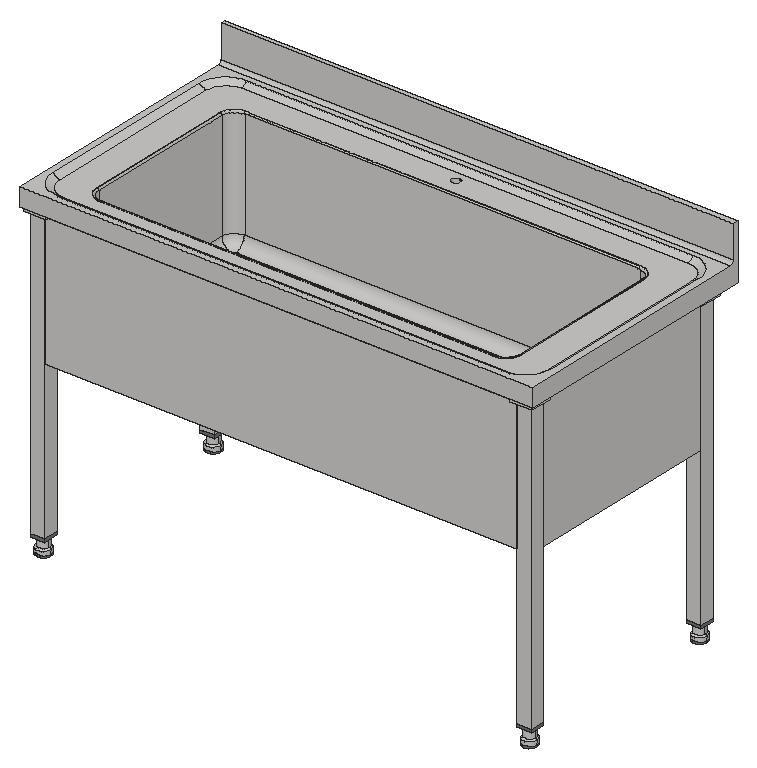
Revit family "QF_ZANUSSI_132815_VLP1401SPN", category Attrezzature speciali, Revit 2020
Family settings
  Quota connettore circolare = Usa diametro
  Tipo di parte = Normale
  Basato su piano di lavoro = No
  Sempre verticale = Sì
  Taglio con vuoti quando caricato = No
  Condiviso = No
  Punto di calcolo locali = No
Parameters (values of type "Standard")
  Weight = 60.00 kg
  Watts = 0 W
  Volts = 0 V
  URL Manufacturer = "http://www.zanussiprofessional.com"
  URL = "http://www.zanussiprofessional.com"
  Steam Supply Size = 0 mm
  Steam Supply Minimum Pressure = 0.0 Pa
  Steam Supply Maximum Pressure = 0.0 Pa
  Steam Consumption per Hour = 0
  Refrigeration Suction Line Size = 0.0 mm
  Refrigeration Liquid Line Size = 0.0 mm
  Refrigerant Compressor Remote = yes
  Prospetto di default = 0.0 mm
  Phase = 0
  Modello = "VLP1401SPN"
  Produttore = "Zanussi"
  Length Actual = 1400.0 mm  # constant formula
  Item Number = "132815"
  Hot Water Size = 0 mm
  Height Actual = 1000.0 mm  # constant formula
  HP = "0 HP"
  Gas Size = 0 mm
  Gas KW = 0
  Gas Input Pressure = 0 W
  Direct Waste Size = 50.8 mm
  Descrizione = "SOAKING SINK UNIT WITH 1 BOWL (1280X510X340MM), 1400MM"
  Depth Actual = 700.0 mm  # constant formula
  Cycle = 0 Hz
  Condensate Return Size = 0 mm
  Compressed Air Volume = 0.0 L/s
  Compressed Air Size = 0 mm
  Compressed Air Pressure = 0.0 Pa
  Cold Water Size = 0 mm
  Accessory = yes
Reference planes
  plane 1 "Center (Front/Back)": y = 0
  plane 2: z = 0
  plane 3 "Center (Left/Right)": x = 100
  plane 4 "LEFT": x = -600
  plane 5 "RIGHT": x = 800
  plane 6 "BACK": y = 350
  plane 7 "FRONT": y = -350
  plane 8 "Base": z = 850
  plane 9 "TOP": z = 900
  plane 10 "Sink_Base": z = 558
  plane 11 "ScaricoX": x = 600
  plane 12: z = 441
  plane 13: y = 245
  plane 14 "PlaneGrid": z = 890
  plane 15 "ScaricoY": y = 141
Forms (mm)
  Extrusion 1, solid, material "QF_Finishes_Stainless Steel"
    sketch origin (100, 0, 0) x (0, 1, 0) y (0, 0, 1)
      loop
        line (-350, 850) -> (350, 850) -> (350, 1000) -> (337, 1000) -> (337, 910)
        arc (337, 910) -> (334.071, 902.929) -> (327, 900) r 10
        line (327, 900) -> (-350, 900) -> (-350, 850)
    from 700 to -700
  Extrusion 2, void
    sketch origin (0, 9, 558) x (0, -1, 0) y (1, 0, 0)
      loop
        circle (-132, 600) r 28
    from 32.343 to -63.145
  Revolve 3, solid, material "QF_Finishes_White"
    sketch origin (600, 9, 0) x (0, -1, 0) y (0, 0, 1)
      loop
        line (-148.5, 542.617) -> (-148.5, 528.5) -> (-147, 528.5) -> (-147, 543.449) -> (-158.558, 550.671) -> (-158.558, 558) -> (-160.058, 558) -> (-160.058, 549.84) -> (-148.5, 542.617)
      axis (-132, 558) -> (-132, 528.5)
    angle from 0 to 360
  Extrusion 4, void
    sketch origin (-6.5, 18.8, 558) x (0, -1, 0) y (1, 0, 0)
      loop
        circle (-245, 106.5) r 11.5
    from 342 to 275.381
  Extrusion 5, void
    sketch origin (-5, 0, 900) x (0, 1, 0) y (-1, 0, 0)
      loop
        arc (180.949, -685) -> (209.233, -673.284) -> (220.949, -645) r 40
        line (220.949, -645) -> (220.949, 435)
        arc (220.949, 435) -> (209.233, 463.284) -> (180.949, 475) r 40
        line (180.949, 475) -> (-239.051, 475)
        arc (-239.051, 475) -> (-267.335, 463.284) -> (-279.051, 435) r 40
        line (-279.051, 435) -> (-279.051, -645)
        arc (-279.051, -645) -> (-267.335, -673.284) -> (-239.051, -685) r 40
        line (-239.051, -685) -> (180.949, -685)
    from 0 to -50
  Extrusion 6, solid, material "QF_Finishes_Stainless Steel"
    sketch origin (-5, 0, 558) x (0, -1, 0) y (1, 0, 0)
      loop
        line (-185.949, 645) -> (-185.949, -435)
        arc (-185.949, -435) -> (-184.484, -438.536) -> (-180.949, -440) r 5
        line (-180.949, -440) -> (238.949, -440)
        arc (238.949, -440) -> (242.484, -438.536) -> (243.949, -435) r 5
        line (243.949, -435) -> (243.949, 645)
        arc (243.949, 645) -> (242.484, 648.536) -> (238.949, 650) r 5
        line (238.949, 650) -> (-180.949, 650)
        arc (-180.949, 650) -> (-184.484, 648.536) -> (-185.949, 645) r 5
    from 0 to 1.5
  Sweep 7, solid, material "QF_Finishes_Stainless Steel"
    path origin (-4.99, 0, 900) x (0, 1, 0) y (-1, 0, 0)
      loop
        line (220.949, -644.99) -> (220.949, 435.01)
        arc (220.949, 435.01) -> (209.233, 463.294) -> (180.949, 475.01) r 40
        line (180.949, 475.01) -> (-239.051, 475.01)
        arc (-239.051, 475.01) -> (-267.335, 463.294) -> (-279.051, 435.01) r 40
        line (-279.051, 435.01) -> (-279.051, -644.99)
        arc (-279.051, -644.99) -> (-267.335, -673.274) -> (-239.051, -684.99) r 40
        line (-239.051, -684.99) -> (180.949, -684.99)
        arc (180.949, -684.99) -> (209.233, -673.274) -> (220.949, -644.99) r 40
    profile origin (100, 220.949, 900) x (0, -1, 0) y (0, 0, 1)
      loop
        arc (5, -15) -> (3.536, -11.464) -> (0, -10) r 5
        line (0, -10) -> (0, -11.5)
        arc (0, -11.5) -> (2.475, -12.525) -> (3.5, -15) r 3.5
        line (3.5, -15) -> (3.5, -310.5)
        arc (3.5, -310.5) -> (12.726, -332.774) -> (35, -342) r 31.5
        line (35, -342) -> (35, -340.5)
        arc (35, -340.5) -> (13.787, -331.713) -> (5, -310.5) r 30
        line (5, -310.5) -> (5, -15)
  Blend 8, void
    base sketch origin (-4.99, 0, 900) x (0, 1, 0) y (-1, 0, 0)
      loop
        arc (312.89, 505.01) -> (291.541, 556.551) -> (240, 577.9) r 72.89
        line (240, 577.9) -> (-260, 577.9)
        arc (-260, 577.9) -> (-311.541, 556.551) -> (-332.89, 505.01) r 72.89
        line (-332.89, 505.01) -> (-332.89, -714.99)
        arc (-332.89, -714.99) -> (-311.541, -766.531) -> (-260, -787.88) r 72.89
        line (-260, -787.88) -> (240, -787.88)
        arc (240, -787.88) -> (291.541, -766.531) -> (312.89, -714.99) r 72.89
        line (312.89, -714.99) -> (312.89, 505.01)
    top sketch origin (-4.99, 0, 900) x (0, 1, 0) y (-1, 0, 0)
      loop
        arc (294.457, 505.01) -> (278.507, 543.517) -> (240, 559.467) r 54.457
        line (240, 559.467) -> (-260, 559.467)
        arc (-260, 559.467) -> (-298.507, 543.517) -> (-314.457, 505.01) r 54.457
        line (-314.457, 505.01) -> (-314.457, -714.99)
        arc (-314.457, -714.99) -> (-298.507, -753.497) -> (-260, -769.447) r 54.457
        line (-260, -769.447) -> (240, -769.447)
        arc (240, -769.447) -> (278.507, -753.497) -> (294.457, -714.99) r 54.457
        line (294.457, -714.99) -> (294.457, 505.01)
    from 0 to -10
Cuts and joins
  Extrusion 4, Extrusion 5, Blend 8 cuts Extrusion 1
  Extrusion 2 cuts Extrusion 6
Lines and regions (mm)
  symbolic lines
    curve 1: line (800, 350, 900) -> (-600, 350, 900)
    curve 2: line (-600, 350, 900) -> (-600, -350, 900)
    curve 3: line (-600, -350, 900) -> (800, -350, 900)
    curve 4: line (800, -350, 900) -> (800, 350, 900)
    curve 5: line (800, 337, 900) -> (-600, 337, 900)
    curve 6: arc (-582.89, 240, 900) -> (-561.541, 291.541, 900) -> (-510, 312.89, 900) r 72.89
    curve 7: line (-510, 312.89, 900) -> (710, 312.89, 900)
    curve 8: line (-582.89, -260, 900) -> (-582.89, 240, 900)
    curve 9: arc (-510, -332.89, 900) -> (-561.541, -311.541, 900) -> (-582.89, -260, 900) r 72.89
    curve 10: line (710, -332.89, 900) -> (-510, -332.89, 900)
    curve 11: line (-510, -314.457, 900) -> (710, -314.457, 900)
    curve 12: arc (-564.457, -260, 900) -> (-548.507, -298.507, 900) -> (-510, -314.457, 900) r 54.457
    curve 13: line (-564.457, 240, 900) -> (-564.457, -260, 900)
    curve 14: arc (-510, 294.457, 900) -> (-548.507, 278.507, 900) -> (-564.457, 240, 900) r 54.457
    curve 15: line (710, 294.457, 900) -> (-510, 294.457, 900)
    curve 16: arc (764.457, 240, 900) -> (748.507, 278.507, 900) -> (710, 294.457, 900) r 54.457
    curve 17: arc (710, 312.89, 900) -> (761.541, 291.541, 900) -> (782.89, 240, 900) r 72.89
    curve 18: line (782.89, 240, 900) -> (782.89, -260, 900)
    curve 19: line (764.457, -260, 900) -> (764.457, 240, 900)
    curve 20: arc (782.89, -260, 900) -> (761.541, -311.541, 900) -> (710, -332.89, 900) r 72.89
    curve 21: arc (710, -314.457, 900) -> (748.507, -298.507, 900) -> (764.457, -260, 900) r 54.457
    curve 22: line (-445, 180.949, 900) -> (-445, -238.949, 900)
    curve 23: line (639.939, 185.949, 900) -> (-440, 185.949, 900)
    curve 24: line (-440, -243.949, 900) -> (639.939, -243.949, 900)
    curve 25: line (644.939, -238.949, 900) -> (644.939, 180.949, 900)
    curve 26: arc (-440, 185.949, 900) -> (-443.536, 184.484, 900) -> (-445, 180.949, 900) r 5
    curve 27: arc (644.939, 180.949, 900) -> (643.474, 184.484, 900) -> (639.939, 185.949, 900) r 5
    curve 28: arc (639.939, -243.949, 900) -> (643.474, -242.484, 900) -> (644.939, -238.949, 900) r 5
    curve 29: arc (-445, -238.949, 900) -> (-443.536, -242.484, 900) -> (-440, -243.949, 900) r 5
    curve 30: circle (100, 263.8, 900) r 11.5 normal (0, 0, 1)
    curve 31: circle (600, 141, 900) r 28 normal (0, 0, 1)
    curve 32: circle (600, 141, 900) r 16.5 normal (0, 0, -1)
    curve 33: arc (-440, 220.949, 900) -> (-468.284, 209.233, 900) -> (-480, 180.949, 900) r 40
    curve 34: line (640, 220.949, 900) -> (-440, 220.949, 900)
    curve 35: line (-480, 180.949, 900) -> (-480, -239.051, 900)
    curve 36: arc (-480, -239.051, 900) -> (-468.284, -267.335, 900) -> (-440, -279.051, 900) r 40
    curve 37: line (-440, -279.051, 900) -> (640, -279.051, 900)
    curve 38: arc (640, -279.051, 900) -> (668.284, -267.335, 900) -> (680, -239.051, 900) r 40
    curve 39: line (680, -239.051, 900) -> (680, 180.949, 900)
    curve 40: arc (680, 180.949, 900) -> (668.284, 209.233, 900) -> (640, 220.949, 900) r 40
Dimensions and locks
  plane 4 "LEFT" to plane 5 "RIGHT" = 1400.0 mm
  equal spacing: plane 4 "LEFT", plane 3 "Center (Left/Right)", plane 5 "RIGHT"
  locked: plane 8 "Base" to level at 850
  locked: Extrusion 1 to level at 1000
  plane 9 "TOP" to level = 900.0 mm
  plane 6 "BACK" to plane 7 "FRONT" = 700.0 mm
  equal spacing: plane 6 "BACK", plane 1 "Center (Front/Back)", plane 7 "FRONT"
  plane 10 "Sink_Base" to level = 558.0 mm
  plane 12 to level = 441.0 mm
  locked: plane 11 "ScaricoX" to plane 5 "RIGHT" at 200
  locked: plane 6 "BACK" to plane 15 "ScaricoY" at 209
  aligned and locked: level to plane 2
  aligned and locked: Extrusion 1 to plane 4 "LEFT"
  aligned and locked: plane 5 "RIGHT" to Extrusion 1
  aligned and locked: curve 2 to plane 4 "LEFT"
Automatic sketch dimensions
  Extrusion 1 sketch curve to plane 7 "FRONT" = 0.0 mm
  Extrusion 1 sketch curve to plane 9 "TOP" = 0.0 mm
  Extrusion 1 sketch curve to plane 6 "BACK" = 0.0 mm
  Extrusion 1 sketch curve to plane 8 "Base" = 0.0 mm
  plane 9 "TOP" to Extrusion 1 sketch curve = 10.0 mm
  Extrusion 1 sketch curve to plane 6 "BACK" = 23.0 mm
  Extrusion 1 sketch curve to Extrusion 1 sketch curve = 90.0 mm
  Extrusion 2 sketch curve to plane 11 "ScaricoX" = 0.0 mm
  Extrusion 2 sketch curve to plane 15 "ScaricoY" = 0.0 mm
  plane 10 "Sink_Base" to Revolve 3 sketch curve = 0.0 mm
  Revolve 3 sketch curve to plane 15 "ScaricoY" = 0.0 mm
  plane 15 "ScaricoY" to Revolve 3 sketch curve = 15.0 mm
  Revolve 3 sketch curve to Revolve 3 sketch curve = 1.5 mm  (x2)
  plane 10 "Sink_Base" to Revolve 3 sketch curve = 7.329 mm
  Revolve 3 sketch curve to Revolve 3 sketch curve = 10.058 mm
  Revolve 3 sketch curve to Revolve 3 sketch curve = 0.831 mm  (x2)
  Revolve 3 sketch curve to Revolve 3 sketch curve = 7.222 mm
  Revolve 3 sketch curve to Revolve 3 sketch curve = 14.117 mm
  Revolve 3 sketch curve to Revolve 3 sketch curve = 24.0 mm
  Revolve 3 sketch curve to plane 10 "Sink_Base" = 26.5 mm
  Extrusion 4 sketch curve to plane 3 "Center (Left/Right)" = 0.0 mm
  plane 13 to Extrusion 4 sketch curve = 18.8 mm
  Sweep 7 sketch curve to Sweep 7 sketch curve = 0.0 mm  (x4)
  Sweep 7 sketch curve to profile plane = 0.0 mm
  Sweep 7 sketch curve to profile plane = 3.5 mm
  Sweep 7 sketch curve to Sweep 7 sketch curve = 1.5 mm
  Sweep 7 sketch curve to Sweep 7 sketch curve = 30.0 mm
  Sweep 7 sketch curve to profile plane = 342.0 mm
  Sweep 7 sketch curve to profile plane = 15.0 mm
  plane 15 "ScaricoY" to Extrusion 6 sketch curve = 44.949 mm
  Extrusion 6 sketch curve to Extrusion 6 sketch curve = 5.0 mm  (x4)
  plane 7 "FRONT" to Extrusion 6 sketch curve = 111.051 mm
  plane 4 "LEFT" to Extrusion 6 sketch curve = 155.0 mm
  Extrusion 6 sketch curve to plane 5 "RIGHT" = 160.0 mm
  Blend 8 sketch curve to plane 13 = 5.0 mm  (x4)
  Blend 8 sketch curve to plane 6 "BACK" = 37.11 mm
  plane 4 "LEFT" to Blend 8 sketch curve = 90.0 mm  (x2)
  plane 7 "FRONT" to Blend 8 sketch curve = 90.0 mm  (x2)
  Blend 8 sketch curve to Blend 8 sketch curve = 72.89 mm  (x2)
  Blend 8 sketch curve to plane 5 "RIGHT" = 90.0 mm  (x2)
  plane 13 to Blend 8 sketch curve = 49.457 mm
  Blend 8 sketch curve to Blend 8 sketch curve = 54.457 mm  (x2)
  curve 6 to curve 14 = 0.0 mm  (x2)
  curve 9 to curve 12 = 0.0 mm  (x2)
  curve 16 to curve 17 = 0.0 mm  (x2)
  curve 20 to curve 21 = 0.0 mm
  curve 3 to plane 5 "RIGHT" = 0.0 mm
  curve 3 to plane 7 "FRONT" = 0.0 mm
  curve 30 to plane 3 "Center (Left/Right)" = 0.0 mm
  curve 2 to plane 6 "BACK" = 0.0 mm
  plane 7 "FRONT" to curve 10 = 17.11 mm
  curve 10 to curve 11 = 18.433 mm
  plane 4 "LEFT" to curve 13 = 35.543 mm
  curve 12 to curve 13 = 54.457 mm
  curve 18 to plane 5 "RIGHT" = 17.11 mm
  curve 24 to curve 22 = 5.0 mm
  curve 27 to curve 23 = 5.0 mm
  curve 17 to plane 13 = 5.0 mm
  curve 14 to plane 13 = 5.0 mm
  plane 13 to curve 30 = 18.8 mm
  plane 13 to curve 15 = 49.457 mm
  curve 5 to plane 6 "BACK" = 13.0 mm
  plane 7 "FRONT" to Sweep 7 sketch curve = 110.949 mm
  Sweep 7 sketch curve to Sweep 7 sketch curve = 40.0 mm
  plane 15 "ScaricoY" to Sweep 7 sketch curve = 39.949 mm  (x2)
  Sweep 7 sketch curve to plane 13 = 24.051 mm
  Sweep 7 sketch curve to plane 11 "ScaricoX" = 40.0 mm  (x2)
  plane 4 "LEFT" to Sweep 7 sketch curve = 160.0 mm
  plane 7 "FRONT" to Extrusion 5 sketch curve = 70.949 mm
  Extrusion 5 sketch curve to Extrusion 5 sketch curve = 40.0 mm  (x2)
  plane 15 "ScaricoY" to Extrusion 5 sketch curve = 39.949 mm  (x2)
  Extrusion 5 sketch curve to plane 13 = 24.051 mm
  Extrusion 5 sketch curve to plane 11 "ScaricoX" = 40.0 mm
  plane 4 "LEFT" to Extrusion 5 sketch curve = 160.0 mm
  curve 31 to curve 32 = 0.0 mm  (x2)
  curve 32 to plane 11 "ScaricoX" = 0.0 mm
  curve 32 to plane 15 "ScaricoY" = 0.0 mm
  curve 26 to curve 26 = 5.0 mm
  curve 24 to curve 25 = 5.0 mm
  plane 15 "ScaricoY" to curve 27 = 39.949 mm
  curve 25 to plane 11 "ScaricoX" = 44.939 mm
  curve 20 to curve 24 = 16.051 mm
  curve 26 to curve 6 = 70.0 mm
  curve 33 to curve 26 = 0.0 mm
  curve 34 to plane 13 = 24.051 mm
  curve 34 to curve 23 = 0.0 mm
  curve 34 to curve 23 = 0.061 mm
  curve 9 to curve 35 = 20.949 mm
  curve 36 to curve 29 = 0.0 mm
  curve 37 to curve 28 = 0.061 mm
  curve 38 to curve 28 = 0.102 mm
  curve 25 to curve 39 = 0.0 mm
  radius of Extrusion 2 sketch curve = 28.0 mm
  radius of Extrusion 4 sketch curve = 11.5 mm
  radius of curve 30 = 11.5 mm
  radius of curve 31 = 28.0 mm
  radius of curve 32 = 16.5 mm
Nested families
  nested 1: "TAV_W1400_CASSH" at (-50, 0, 0), type "TAV_W1400_CASSH"
Connectors
  piping at (600, 141, 528.5), diameter 30
    settings: on Revolve 3, index 1, connector inside diameter 609.6 mm, connector length 0.0 mm, flow factor 0, pipe flow 0.0 L/s, pressure drop 0.0 Pa, fitting loss kfactor 0, connector angle 0.00°, fixture units 0, engagement length 0.0 mm, angle of deflection 0.00°, flow configuration 1, flow direction 2, fitting loss method 0, system type 16, joint type 0, gender type 0, connector reference index -1, connector utility 0, adjustable connector no, is connector primary yes, connector description "Drain 2"
Definition of nested family "TAV_W1400_CASSH"
  Parameters
    Default Elevation = 0.0 mm
    Model = "TAV_W1400_CASSH"
    Manufacturer = "Electrolux Professional"
    Description = ""
  Reference planes
    plane 1 "Center (Front/Back)": y = 0
    plane 2: z = 0
    plane 3 "Center (Left/Right)": x = 150
    plane 4 "LEFT": x = -550
    plane 5 "RIGHT": x = 850
    plane 6 "BACK": y = 350
    plane 7 "FRONT": y = -350
    plane 8 "Base": z = 850
    plane 9 "TOP": z = 900
    plane 10: x = -514.5
    plane 11: x = 814.5
    plane 12: y = 265.5
    plane 13: y = -314.5
    plane 14: x = -494.5
    plane 15: x = 794.5
    plane 16 "RIPIANO": z = 200
  Forms (mm)
    Extrusion 1, solid
      sketch origin (0, 0.5, 850) x (0, 1, 0) y (-1, 0, 0)
        loop
          line (245, 534.5) -> (-295, 534.5) -> (-295, 533) -> (245, 533) -> (245, 534.5)
        loop
          line (-295, -834.5) -> (285, -834.5) -> (285, -833) -> (-295, -833) -> (-295, -834.5)
        loop
          line (-335, 494.5) -> (-335, -794.5) -> (-333.5, -794.5) -> (-333.5, 494.5) -> (-335, 494.5)
      from -10 to -370
    Extrusion 2, solid
      sketch origin (-4.534, 0, 850) x (0, 1, 0) y (-1, 0, 0)
        loop
          line (235.5, 529.966) -> (-284.5, 529.966) -> (-284.5, 489.966) -> (235.5, 489.966) -> (235.5, 529.966)
        loop
          line (-334.506, 479.966) -> (-334.506, -789.034) -> (-294.506, -789.034) -> (-294.506, 479.966) -> (-334.506, 479.966)
        loop
          line (-284.5, -839.034) -> (235.5, -839.034) -> (235.5, -799.034) -> (-284.5, -799.034) -> (-284.5, -839.034)
        loop
          line (285.5, 479.966) -> (245.5, 479.966) -> (245.5, -789.034) -> (285.5, -789.034) -> (285.5, 479.966)
      from 0 to -10
  Lines and regions (mm)
    symbolic lines, detail levels coarse
      curve 1: line (-550, 350, 200) -> (850, 350, 200)
      curve 2: line (-550, -350, 200) -> (-550, 350, 200)
      curve 3: line (850, -350, 200) -> (-550, -350, 200)
      curve 4: line (850, 350, 200) -> (850, -350, 200)
  Dimensions and locks
    plane 4 "LEFT" to plane 5 "RIGHT" = 1400.0 mm
    equal spacing: plane 4 "LEFT", plane 3 "Center (Left/Right)", plane 5 "RIGHT"
    locked: plane 8 "Base" to level at 850
    plane 4 "LEFT" to plane 10 = 35.5 mm
    plane 11 to plane 5 "RIGHT" = 35.5 mm
    plane 10 to plane 11 = 1329.0 mm
    plane 9 "TOP" to level = 900.0 mm
    plane 6 "BACK" to plane 12 = 84.5 mm
    plane 13 to plane 7 "FRONT" = 35.5 mm
    plane 6 "BACK" to plane 7 "FRONT" = 700.0 mm
    plane 12 to plane 13 = 580.0 mm
    equal spacing: plane 6 "BACK", plane 1 "Center (Front/Back)", plane 7 "FRONT"
    locked: plane 14 to plane 4 "LEFT" at 55.5
    locked: plane 5 "RIGHT" to plane 15 at 55.5
    plane 16 "RIPIANO" to level = 200.0 mm
    plane 2 to plane 16 "RIPIANO" to plane 8 "Base" = 200.0 mm, 650.0 mm
    aligned and locked: level to plane 2
    aligned and locked: plane 10 to nested 1
    aligned and locked: nested 1 to plane 13
    aligned and locked: plane 11 to nested 2
    aligned and locked: nested 2 to plane 13
    aligned and locked: plane 11 to nested 4
    aligned and locked: nested 4 to plane 12
    aligned and locked: plane 10 to nested 3
    aligned and locked: nested 3 to plane 12
    aligned and locked: plane 14 to Extrusion 1 sketch curve
    aligned and locked: Extrusion 1 sketch curve to plane 15
    aligned and locked: Extrusion 1 to Extrusion 2
  Automatic sketch dimensions
    plane 7 "FRONT" to Extrusion 1 sketch curve = 15.5 mm
    plane 13 to Extrusion 1 sketch curve = 20.0 mm  (x2)
    plane 4 "LEFT" to Extrusion 1 sketch curve = 15.5 mm
    Extrusion 1 sketch curve to plane 5 "RIGHT" = 15.5 mm
    Extrusion 1 sketch curve to Extrusion 1 sketch curve = 1.5 mm  (x3)
    Extrusion 1 sketch curve to plane 6 "BACK" = 104.5 mm
    Extrusion 1 sketch curve to plane 6 "BACK" = 64.5 mm
    plane 15 to Extrusion 2 sketch curve = 10.0 mm  (x2)
    plane 7 "FRONT" to Extrusion 2 sketch curve = 15.494 mm
    plane 13 to Extrusion 2 sketch curve = 19.994 mm
    Extrusion 2 sketch curve to plane 5 "RIGHT" = 15.5 mm
    plane 13 to Extrusion 2 sketch curve = 30.0 mm  (x2)
    Extrusion 2 sketch curve to plane 14 = 0.0 mm
    Extrusion 2 sketch curve to plane 12 = 30.0 mm  (x2)
    Extrusion 2 sketch curve to plane 12 = 20.0 mm
    plane 12 to Extrusion 2 sketch curve = 20.0 mm
    Extrusion 2 sketch curve to plane 15 = 0.0 mm
    Extrusion 2 sketch curve to plane 14 = 10.0 mm  (x2)
    Extrusion 2 sketch curve to plane 10 = 20.0 mm
    curve 3 to plane 4 "LEFT" = 0.0 mm
    curve 3 to plane 7 "FRONT" = 0.0 mm
    curve 2 to plane 6 "BACK" = 0.0 mm
    curve 1 to plane 5 "RIGHT" = 0.0 mm
  Nested families
    nested 1: "FEET_40x40_TAV" at (-514.5, -314.5, 0), type "FEET_40x40_TAV"
    nested 2: "FEET_40x40_TAV" at (814.5, -314.5, 0), type "FEET_40x40_TAV"
    nested 3: "FEET_40x40_TAV" at (-514.5, 265.5, 0), type "FEET_40x40_TAV"
    nested 4: "FEET_40x40_TAV" at (814.5, 265.5, 0), type "FEET_40x40_TAV"
  Definition of nested family "FEET_40x40_TAV"
    Parameters
      Default Elevation = 0.0 mm
      FEET = 850.0 mm
    Reference planes
      plane 1 "Center (Front/Back)": y = 0
      plane 2: z = 0
      plane 3 "Center (Left/Right)": x = 0
      plane 4: z = 850
    Forms (mm)
      Extrusion 1, solid
        sketch origin (0, 0, 0) x (1, 0, 0) y (0, 1, 0)
          loop
            line (-20, -20) -> (20, -20) -> (20, 20) -> (-20, 20) -> (-20, -20)
        from 50 to 840
      Extrusion 2, solid
        sketch origin (0, 0, 0) x (1, 0, 0) y (0, 1, 0)
          loop
            circle (0, 0) r 20
        from 0 to 5
      Extrusion 3, solid
        sketch origin (0, 0, 0) x (1, 0, 0) y (0, 1, 0)
          loop
            line (30, 30) -> (-30, 30) -> (-30, -30) -> (30, -30) -> (30, 30)
        from 840 to 850
      Extrusion 4, solid
        sketch origin (0, 0, 0) x (1, 0, 0) y (0, 1, 0)
          loop
            line (-20, -20) -> (20, -20) -> (20, 20) -> (-20, 20) -> (-20, -20)
        from 50 to 42
      Revolve 5, solid
        sketch origin (0, 0, 0) x (1, 0, 0) y (0, 0, 1)
          loop
            line (0, 42) -> (-15, 42) -> (-15, 20) -> (-20, 15) -> (-20, 5) -> (0, 5) -> (0, 42)
          axis (0, 42) -> (0, 5)
        angle from 0 to 360
    Lines and regions (mm)
      symbolic lines
        curve 1: line (0, -1.503, 0) -> (0, 1.508, 0)
        curve 2: line (1.561, 0, 0) -> (-1.439, 0, 0)
    Dimensions and locks
      "FEET": plane 4 to plane 2
      aligned and locked: level to plane 2
    Automatic sketch dimensions
      plane 1 "Center (Front/Back)" to curve 2 = 0.0 mm
      curve 1 to plane 3 "Center (Left/Right)" = 0.0 mm
      curve 2 to plane 3 "Center (Left/Right)" = 1.439 mm
      plane 3 "Center (Left/Right)" to curve 2 = 1.561 mm
      plane 1 "Center (Front/Back)" to curve 1 = 1.503 mm
      curve 1 to plane 1 "Center (Front/Back)" = 1.508 mm
      Extrusion 1 sketch curve to plane 3 "Center (Left/Right)" = 20.0 mm
      plane 3 "Center (Left/Right)" to Extrusion 1 sketch curve = 20.0 mm
      plane 1 "Center (Front/Back)" to Extrusion 1 sketch curve = 20.0 mm
      Extrusion 1 sketch curve to plane 1 "Center (Front/Back)" = 20.0 mm
      plane 1 "Center (Front/Back)" to Extrusion 2 sketch curve = 0.0 mm
      Extrusion 2 sketch curve to plane 3 "Center (Left/Right)" = 0.0 mm
      Extrusion 3 sketch curve to plane 3 "Center (Left/Right)" = 30.0 mm
      plane 3 "Center (Left/Right)" to Extrusion 3 sketch curve = 30.0 mm
      plane 1 "Center (Front/Back)" to Extrusion 3 sketch curve = 30.0 mm
      Extrusion 3 sketch curve to plane 1 "Center (Front/Back)" = 30.0 mm
      Extrusion 4 sketch curve to plane 3 "Center (Left/Right)" = 20.0 mm
      plane 3 "Center (Left/Right)" to Extrusion 4 sketch curve = 20.0 mm
      plane 1 "Center (Front/Back)" to Extrusion 4 sketch curve = 20.0 mm
      Extrusion 4 sketch curve to plane 1 "Center (Front/Back)" = 20.0 mm
      Revolve 5 sketch curve to plane 3 "Center (Left/Right)" = 0.0 mm  (x2)
      Revolve 5 sketch curve to plane 3 "Center (Left/Right)" = 15.0 mm
      Revolve 5 sketch curve to Revolve 5 sketch curve = 5.0 mm  (x3)
      level to Revolve 5 sketch curve = 5.0 mm
      Revolve 5 sketch curve to Revolve 5 sketch curve = 10.0 mm
      Revolve 5 sketch curve to Revolve 5 sketch curve = 22.0 mm
      Revolve 5 sketch curve to level = 9.561 mm
      radius of Extrusion 2 sketch curve = 20.0 mm
